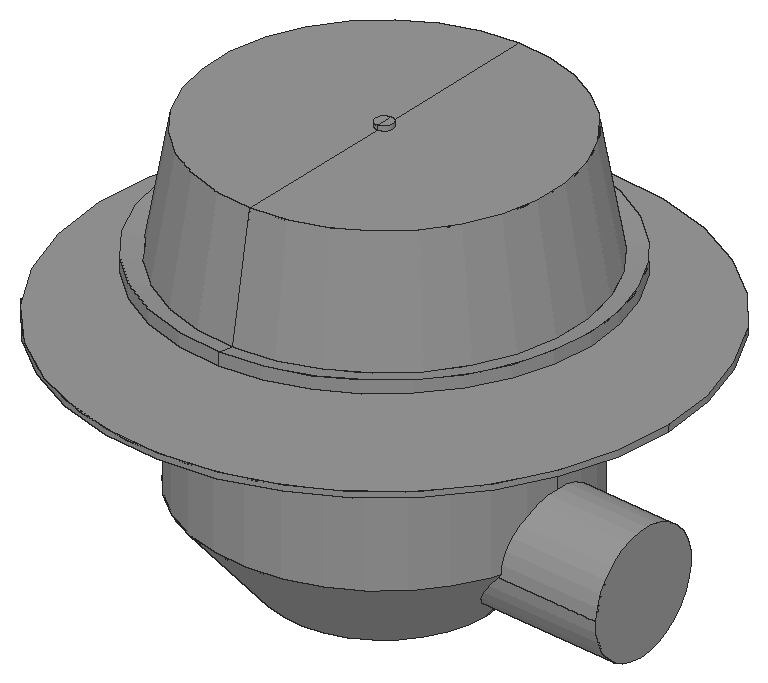
Revit family "HL_RU_Roof drain_HL64FSafe-B-221103", category Sanitärinstallationen, Revit 2020
Family settings
  Bemaßung runder Anschluss = Durchmesser verwenden
  Teiletyp = Normal
  OmniClass-Nummer = 23.70.50.21.24.14
  OmniClass-Titel = Deck Waste Water Drains
  Arbeitsebenenbasiert = Nein
  Immer vertikal = Ja
  Beim Laden mit Abzugskörper schneiden = Nein
  Gemeinsam genutzt = Nein
  Raumberechnungspunkt = Ja
Parameters (values of type "HL_Кровельная воронка_HL64FSafe_7")
  РЕШЁТКА = "Laubfangkorb d 262 mm"
  РАЗМЕР = "DN75"
  ПРОПУСКНАЯ СПОСОБНОСТЬ [instance] = 0.0 L/s
  ПРОИЗВОДИТЕЛЬНОСТЬ = "l/s"
  ПРАВОВАЯ ИНФОРМАЦИЯ = "Авторские права(©), права на дизайн или какие либо другие права интелектуальной собственности являются исключительной собственностью компании HL Hutterer & Lechner. Изменению не подлежит. Файл семейства с данными о прозводителе изделия защищен паролем с водяным знаком."
  НОМИНАЛЬНЫЙ ДИАМЕТР = 75 mm
  МАТЕРИАЛ = "PP"
  ВЫСОТА МОНТАЖА = "150mm"
  ВЕС = "2,163 [kg]"
  Vorgabe-Ansicht = 0 mm
  Hersteller = "HL Hutterer & Lechner GmbH"  # constant formula
  URL = "http://www.hutterer-lechner.com/ru/products/catalog/roof-drains/HL64FSafe/7.aspx"
  Материал плитка [instance] = none
  Lüftungsverbindung = no
  Abwasserrohrverbindung = yes
  HW-Verbindung = no
  KW-Verbindung = no
  Beschreibung = "Кровельные воронки"
  Model = "HL64FSafe_7"
  Assembly Code = " "
  Typenkommentare = "HL64FSafe/7, Воронка для аварийного водостока с горизонтальным выпуском DN75 с корпусом из ПП, с возможностью регулировки толщины слоя воды"
  Keynote = "HL64FSafe_7"
  Bысота монтажа [instance] = 28 mm  # constant formula
  G [instance] = 90.00°  # constant formula
  EAN = "9003076040995"
  D [instance] = if(НОМИНАЛЬНЫЙ ДИАМЕТР = 75 mm, 162.8 mm, 178 mm)  # 162.8 mm
  C [instance] = if(Bысота монтажа - 68 mm < 0 mm, 0 mm, Bысота монтажа - 68 mm)  # 0 mm
  B [instance] = Bысота монтажа + if(НОМИНАЛЬНЫЙ ДИАМЕТР = 75 mm, 101 mm, 84 mm)  # 129 mm
  A [instance] = if(B - 100 mm > 15 mm, B - 100 mm, 15 mm)  # 29 mm
Types (3, lengths in mm): name | РАЗМЕР | НОМИНАЛЬНЫЙ ДИАМЕТР | ВЕС | URL | Model | Typenkommentare | Keynote | EAN | D | B | A
  (no name) | "DN75" | 75 | "2,163 [kg]" | "http://www.hutterer-lechner.com/ru/products/catalog/roof-drains/HL64FSafe/7.aspx" | "HL64FSafe_7" | "HL64FSafe/7, Воронка для аварийного водостока с горизонтальным выпуском DN75 с корпусом из ПП, с возможностью регулировки толщины слоя воды" | "HL64FSafe_7" | "9003076040995" | 162.8 | 129 | 29
  HL_Кровельная воронка_HL64FSafe_1 | "DN110" | 110 | "2,273 [kg]" | "http://www.hutterer-lechner.com/ru/products/catalog/roof-drains/HL64FSafe/1.aspx" | "HL64FSafe_1" | "HL64FSafe/1, Воронка для аварийного водостока с горизонтальным выпуском DN110 с корпусом из ПП, с возможностью регулировки толщины слоя воды" | "HL64FSafe_1" | "9003076041008" | 178 | 112 | 15
  HL_Кровельная воронка_HL64FSafe_7 | "DN75" | 75 | "2,163 [kg]" | "http://www.hutterer-lechner.com/ru/products/catalog/roof-drains/HL64FSafe/7.aspx" | "HL64FSafe_7" | "HL64FSafe/7, Воронка для аварийного водостока с горизонтальным выпуском DN75 с корпусом из ПП, с возможностью регулировки толщины слоя воды" | "HL64FSafe_7" | "9003076040995" | 162.8 | 129 | 29
Reference planes
  plane 1 "Center (Front/Back)": y = 0
  plane 2: z = 0
  plane 3 "Center (Left/Right)": x = 0
  plane 4: z = -129
  plane 5: z = -28
Lines and regions (mm)
  model lines, style "InvisibleLines"
    curve 1: line (0, 0, 0) -> (0, 0, 20)
  model lines, style "PlumbingFixtures", detail levels coarse+medium
    curve 2: line (0, 0, -129) -> (0, 0, -100)
    curve 3: line (0, 0, -100) -> (-100, 0, 0)
    curve 4: line (0, 0, -100) -> (100, 0, 0)
    curve 6: line (0, 0, -129) -> (162.8, 0, -129)
  reference lines, not visible
    curve 5: line (0, 0, -129) -> (162.8, 0, -129)
  symbolic lines, style "PlumbingFixtures", detail levels coarse+medium
    curve 7: line (-75, 75, 0) -> (75, 75, 0)
    curve 8: line (-75, -75, 0) -> (-75, 75, 0)
    curve 9: line (75, -75, 0) -> (-75, -75, 0)
    curve 10: line (75, 75, 0) -> (75, -75, 0)
    curve 11: line (-75, 75, 0) -> (-145.711, 145.711, 0)
    curve 12: line (75, 75, 0) -> (145.711, 145.711, 0)
    curve 13: line (-75, -75, 0) -> (-145.711, -145.711, 0)
    curve 14: line (75, -75, 0) -> (145.711, -145.711, 0)
  symbolic lines, style "PlumbingFixtures", not visible, detail levels coarse+medium
    curve 15: line (-75, 75, 0) -> (75, 75, 0)
    curve 16: line (-75, -75, 0) -> (-75, 75, 0)
    curve 17: line (75, -75, 0) -> (-75, -75, 0)
    curve 18: line (75, 75, 0) -> (75, -75, 0)
    curve 19: line (-75, 75, 0) -> (-145.711, 145.711, 0)
    curve 20: line (75, 75, 0) -> (145.711, 145.711, 0)
    curve 21: line (-75, -75, 0) -> (-145.711, -145.711, 0)
    curve 22: line (75, -75, 0) -> (145.711, -145.711, 0)
Text (mm)
  text "FLOOR" at (-162.344, 0, -10.979), in view "Drain Construction View"
Dimensions and locks
  "B": plane 2 to plane 4
  "Bысота монтажа": plane 2 to plane 5
  "A": curve 4 to plane 4
  "D": curve 5 to curve 5
  "D": curve 6 to curve 6
  locked: curve 4 to plane 3 "Center (Left/Right)" (angle 45.00°)
  locked: plane 3 "Center (Left/Right)" to curve 3 (angle 45.00°)
  "G": angle curve 5 to plane 3 "Center (Left/Right)"
  aligned and locked: level to plane 2
  aligned and locked: plane 2 to curve 4
  aligned and locked: plane 2 to curve 3
  aligned and locked: plane 4 to curve 5
  aligned and locked: plane 3 "Center (Left/Right)" to curve 5
  aligned and locked: plane 4 to curve 2
  aligned and locked: plane 3 "Center (Left/Right)" to curve 6
  aligned and locked: plane 4 to curve 6
  aligned and locked: nested 1 to plane 5
  aligned and locked: nested 2 to plane 2
  aligned and locked: plane 3 "Center (Left/Right)" to nested 2
Automatic sketch dimensions
  curve 2 to plane 3 "Center (Left/Right)" = 0 mm
  curve 1 to plane 3 "Center (Left/Right)" = 0 mm
  curve 1 to level = 0 mm
  level to curve 1 = 20 mm
Nested families
  nested 1: "HL_кровельные воронки - корпус_HL64F" at (0, 0, -28), НОМИНАЛЬНЫЙ ДИАМЕТР <- "НОМИНАЛЬНЫЙ ДИАМЕТР", type "HL_кровельные воронки - корпус_HL64F"
    with НОМИНАЛЬНЫЙ ДИАМЕТР 75 mm, L 164 mm, B 101.3 mm, A 92.3 mm
  nested 2: "HL_Вспомогательные материалы-Противопожарная защита_HL062.1Safe" at (0, 0, 0), Bысота монтажа <- "Bысота монтажа", type "HL_Вспомогательные материалы-Противопожарная защита_HL062.1Safe"
    with Пропускная способность 0.0 L/s, L 58 mm, IHmin 28 mm, IHmax 68 mm, Bысота монтажа 28 mm
Connectors
  piping at (162.8, 0, -129), diameter 75, driven by "ПРОПУСКНАЯ СПОСОБНОСТЬ", driven by "НОМИНАЛЬНЫЙ ДИАМЕТР"
    settings: on curve 5, index 1, connector inside diameter 609.6 mm, connector length 0 mm, flow factor 0, pipe flow 0.0 L/s, pressure drop 0.0 Pa, fitting loss kfactor 0, connector angle 0.00°, fixture units 0, engagement length 0 mm, angle of deflection 0.00°, flow configuration 1, flow direction 2, fitting loss method 0, system type 16, joint type 0, gender type 0, connector reference index -1, connector utility 0, adjustable connector yes, is connector primary yes, connector description ""
Definition of nested family "HL_кровельные воронки - корпус_HL64F"
  Parameters (values of type "HL_кровельные воронки - корпус_HL64F")
    НОМИНАЛЬНЫЙ ДИАМЕТР [instance] = 110 mm
    Default Elevation = 0 mm
    Manufacturer = ""
    URL = ""
    Description = ""
    Model = ""
    L [instance] = if(НОМИНАЛЬНЫЙ ДИАМЕТР = 75 mm, 164 mm, 178 mm)  # 178 mm
    Type Comments = ""
    Cost = 0
    B [instance] = if(НОМИНАЛЬНЫЙ ДИАМЕТР = 75 mm, 101.3 mm, 84 mm)  # 84 mm
    A [instance] = if(НОМИНАЛЬНЫЙ ДИАМЕТР = 75 mm, 92.3 mm, 75 mm)  # 75 mm
  Reference planes
    plane 1 "Střed (vpředu/vzadu)": y = 0
    plane 2: z = 0
    plane 3 "Střed (vlevo/vpravo)": x = 0
  Forms (mm)
    Extrusion 1, solid, detail levels fine
      sketch origin (-0.006, -0.073, 0) x (1, 0, 0) y (0, 1, 0)
        loop
          circle (0, 0) r 180
        loop
          circle (0, 0) r 78.913
      from 0 to -3.5
    Extrusion 2, solid, detail levels fine
      sketch origin (-0.006, -0.073, -3.5) x (0, 1, 0) y (1, 0, 0)
        loop
          circle (0, 0) r 140
      from 0 to 18
    Extrusion 3, solid, detail levels fine
      sketch origin (-0.006, -0.073, -21.5) x (-1, 0, 0) y (0, 1, 0)
        loop
          circle (0, 0) r 110
      from 0 to 73.906
    Blend 4, solid, detail levels fine
      base sketch origin (-0.006, -0.073, -95.406) x (0, -1, 0) y (1, 0, 0)
        loop
          circle (0, 0) r 110
      top sketch origin (-0.006, -0.073, -95.406) x (0, -1, 0) y (1, 0, 0)
        loop
          circle (0, 0) r 65
      from 0 to -53
    Revolve 5, void
      sketch origin (-0.006, -0.073, 0) x (1, 0, 0) y (0, 0, 1)
        loop
          line (-78.913, 0) -> (-78.913, -16.281) -> (-74.694, -23.588) -> (-74.694, -24.914) -> (-75.511, -24.914) -> (-75.511, -30.304) -> (-64.679, -30.304) -> (-64.679, -32.804) -> (0, -32.804) -> (0, 0) -> (-78.913, 0)
        axis (0, 0) -> (0, -32.804)
      angle from 0 to 360
    Extrusion 6, solid, detail levels fine
      sketch origin (179.329, 0, -54.515) x (0, -1, 0) y (-0.050544, 0, -0.998722)
        loop
          circle (0, 29.523) r 55
      from -0.064 to -99.364
  Cuts and joins
    Revolve 5 cuts Extrusion 1
    Revolve 5 cuts Extrusion 2
    Revolve 5 cuts Extrusion 3
  Lines and regions (mm)
    reference lines
      curve 1: line (0, 0, -75) -> (177.837, 0, -84)
  Dimensions and locks
    "B": plane 2 to curve 1
    "A": plane 2 to curve 1
    "L": Extrusion 6 to curve 1
    "НОМИНАЛЬНЫЙ ДИАМЕТР": diameter of Extrusion 6 sketch curve
    aligned and locked: level to plane 2
    aligned and locked: plane 3 "Střed (vlevo/vpravo)" to curve 1
  Automatic sketch dimensions
    Extrusion 1 sketch curve to Extrusion 1 sketch curve = 0 mm  (x2)
    Extrusion 1 sketch curve to plane 3 "Střed (vlevo/vpravo)" = 0.006 mm
    plane 1 "Střed (vpředu/vzadu)" to Extrusion 1 sketch curve = 0.073 mm
    Revolve 5 sketch curve to level = 0 mm
    Revolve 5 sketch curve to plane 3 "Střed (vlevo/vpravo)" = 78.919 mm
    Revolve 5 sketch curve to Revolve 5 sketch curve = 3.401 mm
    Revolve 5 sketch curve to Revolve 5 sketch curve = 0.817 mm
    Revolve 5 sketch curve to Revolve 5 sketch curve = 10.833 mm
    Revolve 5 sketch curve to plane 3 "Střed (vlevo/vpravo)" = 0.006 mm  (x2)
    Revolve 5 sketch curve to level = 16.281 mm
    Revolve 5 sketch curve to Revolve 5 sketch curve = 7.307 mm
    Revolve 5 sketch curve to Revolve 5 sketch curve = 1.326 mm
    Revolve 5 sketch curve to Revolve 5 sketch curve = 5.39 mm
    Revolve 5 sketch curve to level = 32.804 mm
    level to Revolve 5 sketch curve = 25 mm
    Revolve 5 sketch curve to Revolve 5 sketch curve = 50 mm
    plane 3 "Střed (vlevo/vpravo)" to curve 1 = 177.837 mm
    Extrusion 6 sketch curve to plane 1 "Střed (vpředu/vzadu)" = 0 mm
    radius of Extrusion 1 sketch curve = 180 mm
    radius of Extrusion 1 sketch curve = 78.913 mm
    radius of Extrusion 2 sketch curve to Extrusion 1 = 40 mm
    radius of Extrusion 3 sketch curve to Extrusion 2 = 30 mm
    radius of Blend 4 sketch curve to Extrusion 3 = 0 mm
    radius of Blend 4 sketch curve to Extrusion 3 = 45 mm
Definition of nested family "HL_Вспомогательные материалы-Противопожарная защита_HL062.1Safe"
  Parameters (values of type "HL_Вспомогательные материалы-Противопожарная защита_HL062.1Safe")
    РЕШЁТКА = "Laubfangkorb d 262 mm"
    ПРАВОВАЯ ИНФОРМАЦИЯ = "Авторские права(©), права на дизайн или какие либо другие права интелектуальной собственности являются исключительной собственностью компании HL Hutterer & Lechner. Изменению не подлежит. Файл семейства с данными о прозводителе изделия защищен паролем с водяным знаком."
    МАТЕРИАЛ = "PP"
    ВЕС = "1,25 [kg]"
    Default Elevation = 0 mm
    Manufacturer = "HL Hutterer & Lechner GmbH"
    URL = "http://www.hutterer-lechner.com/ru/products/catalog/roof-drains/HL062.1Safe.aspx"
    Материал плитка = none
    Description = "Кровельные воронки"
    Model = "HL062.1Safe"
    L [instance] = if(Bысота монтажа < IHmin, -100 mm, if(Bысота монтажа > IHmax, -100 mm, Bысота монтажа + 30 mm))  # 58 mm
    Type Comments = "HL062.1Safe, Вставка в воронку для аварийного водоотведения"
    Keynote = "HL062.1Safe"
    Bысота монтажа [instance] = 28 mm
    IHmin [instance] = 28 mm
    IHmax [instance] = 68 mm
    Пропускная способность [instance] = 0.0 L/s
    EAN = "9003076040605"
    Cost = 0
  Reference planes
    plane 1 "Střed (vpředu/vzadu)": y = 0
    plane 2: z = 0
    plane 3 "Střed (vlevo/vpravo)": x = 0
  Forms (mm)
    Revolve 1, solid, detail levels fine
      sketch origin (0, 0, 0) x (0, 1, 0) y (0, 0, 1)
        loop
          line (0, 81.1) -> (-5.25, 81.1) -> (-5.25, 78.5) -> (-106.614, 78.5) -> (-119.486, 5.5) -> (-101.611, 5.5) -> (-90.568, 68.124) -> (0, 68.124) -> (0, 81.1)
        axis (0, 81.1) -> (0, 5.5)
      angle from 0 to 360
    Extrusion 2, solid, detail levels fine
      sketch origin (0, 0, 68.124) x (-1, 0, 0) y (0, 1, 0)
        loop
          circle (-50, 0) r 11.945
      from 0 to 82.224
    Extrusion 3, solid, detail levels fine
      sketch origin (-100, 0, 68.124) x (-1, 0, 0) y (0, 1, 0)
        loop
          circle (-50, 0) r 11.945
      from 0 to 82.224
    Revolve 4, solid, detail levels fine
      sketch origin (0, 0, 0) x (0, 1, 0) y (0, 0, 1)
        loop
          line (-130.983, 7.735) -> (-130.983, 0) -> (-69.061, 0) -> (-64.445, -4.616) -> (-64.445, -65.123) -> (-63.068, -66.5) -> (-58.068, -66.5) -> (-58.068, -4.58) -> (-68.148, 5.5) -> (-119.486, 5.5) -> (-130.983, 7.735)
        axis (0, 7.735) -> (0, -66.5)
      angle from 0 to 360
    Revolve 5, solid, detail levels fine
      sketch origin (0, 69.895, -58) x (0, -1, 0) y (0, 0, -1)
        loop
          line (149.29, -29.5) -> (149.29, -9.5) -> (139.79, 0) -> (134.34, 0) -> (134.34, -44) -> (138.069, -44) -> (138.069, -29.5) -> (149.29, -29.5)
        axis (69.895, -44) -> (69.895, 0)
      angle from 0 to 360
  Lines and regions (mm)
    reference lines
      curve 1: line (0, 69.895, -58) -> (0, -190.105, -58)
  Dimensions and locks
    "L": curve 1 to plane 2
    aligned and locked: level to plane 2
  Automatic sketch dimensions
    Revolve 1 sketch curve to plane 1 "Střed (vpředu/vzadu)" = 0 mm  (x2)
    plane 1 "Střed (vpředu/vzadu)" to Revolve 1 sketch curve = 5.25 mm
    Revolve 1 sketch curve to Revolve 1 sketch curve = 85.318 mm
    level to Revolve 1 sketch curve = 5.5 mm
    Revolve 1 sketch curve to Revolve 1 sketch curve = 11.042 mm
    Revolve 1 sketch curve to Revolve 1 sketch curve = 16.046 mm
    Revolve 1 sketch curve to Revolve 1 sketch curve = 17.876 mm
    Revolve 1 sketch curve to Revolve 1 sketch curve = 62.624 mm
    Revolve 1 sketch curve to Revolve 1 sketch curve = 10.376 mm
    Revolve 1 sketch curve to Revolve 1 sketch curve = 2.6 mm
    Revolve 1 sketch curve to Revolve 1 sketch curve = 40 mm
    Revolve 1 sketch curve to Revolve 1 sketch curve = 25 mm
    Extrusion 2 sketch curve to Revolve 1 = 50 mm
    Revolve 1 to Extrusion 3 sketch curve = 50 mm
    level to Revolve 4 sketch curve = 0 mm
    Revolve 4 sketch curve to plane 1 "Střed (vpředu/vzadu)" = 0 mm
    plane 1 "Střed (vpředu/vzadu)" to Revolve 4 sketch curve = 58.068 mm
    Revolve 4 sketch curve to Revolve 4 sketch curve = 5 mm
    Revolve 4 sketch curve to Revolve 4 sketch curve = 1.377 mm  (x2)
    Revolve 4 sketch curve to Revolve 4 sketch curve = 3.703 mm
    Revolve 4 sketch curve to Revolve 4 sketch curve = 0.913 mm
    level to Revolve 4 sketch curve = 5.5 mm
    Revolve 4 sketch curve to Revolve 4 sketch curve = 50.425 mm
    Revolve 4 sketch curve to Revolve 4 sketch curve = 11.497 mm
    Revolve 4 sketch curve to level = 4.58 mm
    Revolve 4 sketch curve to level = 4.616 mm
    Revolve 4 sketch curve to Revolve 4 sketch curve = 60.507 mm
    level to Revolve 4 sketch curve = 7.735 mm
    Revolve 4 sketch curve to Revolve 4 sketch curve = 10 mm
    Revolve 4 sketch curve to Revolve 4 sketch curve = 35 mm
    Revolve 5 sketch curve to curve 1 = 0 mm
    curve 1 to Revolve 5 sketch curve = 44 mm
    Revolve 5 sketch curve to curve 1 = 125.66 mm
    Revolve 5 sketch curve to Revolve 5 sketch curve = 3.729 mm
    Revolve 5 sketch curve to Revolve 5 sketch curve = 5.45 mm
    Revolve 5 sketch curve to Revolve 5 sketch curve = 11.221 mm
    Revolve 5 sketch curve to Revolve 5 sketch curve = 14.5 mm
    curve 1 to Revolve 5 sketch curve = 9.5 mm
    curve 1 to Revolve 5 sketch curve = 69.895 mm
    Revolve 5 sketch curve to curve 1 = 15 mm
    Revolve 5 sketch curve to Revolve 5 sketch curve = 40 mm
    plane 1 "Střed (vpředu/vzadu)" to curve 1 = 190.105 mm
    curve 1 to plane 1 "Střed (vpředu/vzadu)" = 69.895 mm
    radius of Extrusion 2 sketch curve = 11.945 mm
    radius of Extrusion 3 sketch curve = 11.945 mm
